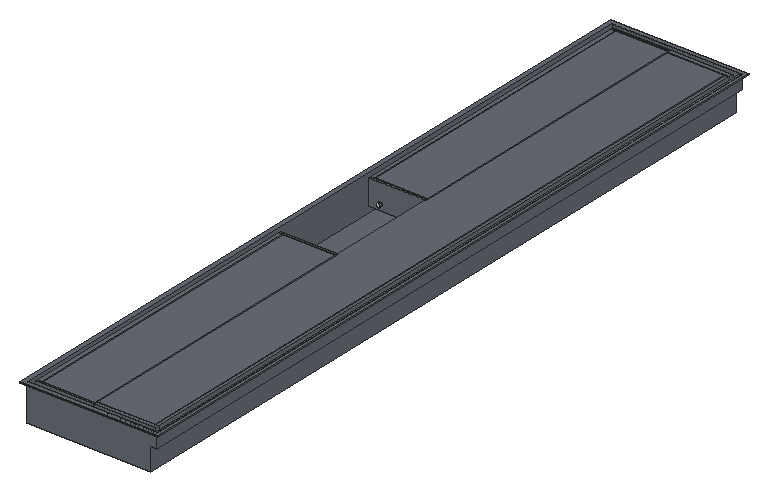
Revit family
Parameters (values of type "PL07 07 7/0")
  Width Side = 192 mm
  Width = 175 mm
  URL = "http://www.meinertz.com/pictures_org/prodk.pdf"
  Thermal Performance Index = 7
  Thermal Performance Constant = if(Thermal Performance Index = 3, 145, if(Thermal Performance Index = 4, 191, if(Thermal Performance Index = 5, 231, if(Thermal Performance Index = 6, 262, if(Thermal Performance Index = 7, 287, if(Thermal Performance Index = 8, 317, if(Thermal Performance Index = 9, 339, if(Thermal Performance Index = 10, 359, if(Thermal Performance Index = 11, 382, if(Thermal Performance Index = 12, 404, if(Thermal Performance Index = 13, 424, 444)))))))))))  # 287
  Thermal Performance = Thermal Performance Constant * Length / 1000 mm  # 574
  Right Tap Visible = Count Grill Main > 3  # yes
  Model = "PL07 07 7/0"
  Manufacturer = "Meinertz"  # constant formula
  Length Support Side = Actual Width 2 - Frame Offset  # 168 mm
  Length Support Convec = Actual Width 1 - Frame Offset + 37 mm  # 192 mm
  Length = 2000 mm
  Keynote = "PL07 07 7/0"
  Grill70 Support Distance02 = Grill70 Support Array Distance02 / (Count Grill70 Support02 - 1)  # 526 mm
  Grill70 Support Distance01 = Grill70 Support Array Distance01 / (Count Grill70 Support01 - 1)  # 504 mm
  Grill70 Support Array Distance02 = Length - Column Location - (Column Width / 2) - Frame Offset - 300 mm  # 526 mm
  Grill70 Support Array Distance01 = Column Location - (Column Width / 2) - Frame Offset - (11 mm * 2) - 300 mm  # 504 mm
  Grill20 Array Distance = (Length - (2 * Frame Offset) - 200 mm) / (Count Grill20 Support - 1)  # 584 mm
  Grill = RAL 7024 Grill
  GoGetNo = 6945  # constant formula
  Frame Side Length = Actual Width 2 - Frame Offset  # 168 mm
  Frame Offset = 24 mm  # constant formula
  Frame Main Length = Actual Width 1 - Frame Offset  # 155 mm
  Frame = RAL 7024
  Count Grill70 Support02 = (Length - Column Location - (Column Width / 2) - Frame Offset - 300 mm) / 2500 mm + 2  # 2
  Count Grill70 Support01 = (Column Location - (Column Width / 2) - Frame Offset - (11 mm * 2) - 300 mm) / 2500 mm + 2  # 2
  Count Grill20 Support = (Length - (2 * Frame Offset) - 200 mm) / 600 mm + 1  # 4
  Count Grill Main = (Width - 13 mm - 11 mm) / 24 mm + 1  # 7
  Column Width = 300 mm
  Column Location = 1000 mm
  Actual Width 2 = (Count Grill Side * 24 mm) + Frame Offset  # 192 mm
  Actual Width 1 = (Count Grill Main - 1) * 24 mm + Frame Offset + 11 mm  # 179 mm
  Count Grill Side = ((Width Side - 13 mm) / 24 mm)  # 7
Types (6, lengths in mm): name | Width Side | Width | Thermal Performance Index | Thermal Performance Constant | Thermal Performance | Right Tap Visible | Model | Length Support Side | Length Support Convec | Keynote | Grill70 Support Distance02 | Grill70 Support Distance01 | Grill70 Support Array Distance02 | Grill70 Support Array Distance01 | Frame Side Length | Frame Main Length | Count Grill Main | Column Width | Actual Width 2 | Actual Width 1 | Count Grill Side
  (no name) | 192 | 175 | 7 | 287 | 574 | yes | "PL07 07 7/0" | 168 | 192 | "PL07 07 7/0" | 526 | 504 | 526 | 504 | 168 | 155 | 7 | 300 | 192 | 179 | 7
  PL07 03 5/0 | 144 | 75 | 3 | 145 | 290 | no | "PL07 03 5/0" | 120 | 96 | "PL07 03 5/0" | 626 | 604 | 626 | 604 | 120 | 59 | 3 | 100 | 144 | 83 | 5
  PL07 04 5/0 | 144 | 100 | 4 | 191 | 382 | yes | "PL07 04 5/0" | 120 | 120 | "PL07 04 5/0" | 526 | 504 | 526 | 504 | 120 | 83 | 4 | 300 | 144 | 107 | 5
  PL07 05 5/0 | 144 | 125 | 5 | 231 | 462 | yes | "PL07 05 5/0" | 120 | 144 | "PL07 05 5/0" | 526 | 504 | 526 | 504 | 120 | 107 | 5 | 300 | 144 | 131 | 5
  PL07 06 6/0 | 198 | 150 | 6 | 262 | 524 | yes | "PL07 06 6/0" | 192 | 168 | "PL07 06 6/0" | 526 | 504 | 526 | 504 | 192 | 131 | 6 | 300 | 216 | 155 | 8
  PL07 07 7/0 | 192 | 175 | 7 | 287 | 574 | yes | "PL07 07 7/0" | 168 | 192 | "PL07 07 7/0" | 526 | 504 | 526 | 504 | 168 | 155 | 7 | 300 | 192 | 179 | 7
Reference planes
  plane 1 "Center (Front/Back)": y = 0
  plane 2: z = 0
  plane 3 "Center (Left/Right)": x = 0
  plane 4: x = -179
  plane 5: x = 192
  plane 6: y = 150
  plane 7: y = -150
  plane 8: y = 300
  plane 9: y = 563
  plane 10: y = 826
  plane 11: y = 400
  plane 12: y = 726
  plane 13: y = 500
  plane 14: y = 626
  plane 15: y = 976
  plane 16: y = 1000
  plane 17: y = 876
  plane 18: y = -311
  plane 19: y = -563
  plane 20: y = -815
  plane 21: y = -400
  plane 22: y = -726
  plane 23: y = -500
  plane 24: y = -626
  plane 25: y = -976
  plane 26: y = -1000
  plane 27: y = -876
  plane 28: x = -155
  plane 29: x = 168
  plane 30: y = 965
  plane 31: y = 970.5
  plane 32: y = -965
  plane 33: y = -970.5
  plane 34: z = -20
  plane 35: z = -55
  plane 36: z = -70
  plane 37: z = -100
  plane 38: y = -155.5
  plane 39: y = 155.5
  plane 40: x = -144
  plane 41: x = 157
  plane 42: x = -125
  plane 43: x = -30
Forms (mm)
  Extrusion 1, solid, material "RAL 7024 Grill" <- "Grill"
    sketch origin (0, 0, 0) x (1, 0, 0) y (0, 1, 0)
      loop
        line (0, 965) -> (0, -965) -> (157, -965) -> (157, 965) -> (0, 965)
    from 0 to -20
  Extrusion 2, solid, material "RAL 7024 Grill" <- "Grill"
    sketch origin (0, 0, 0) x (1, 0, 0) y (0, 1, 0)
      loop
        line (-144, -155.5) -> (-144, -970.5) -> (0, -970.5) -> (0, -155.5) -> (-144, -155.5)
      loop
        line (-144, 155.5) -> (0, 155.5) -> (0, 970.5) -> (-144, 970.5) -> (-144, 155.5)
    from 0 to -70
  Extrusion 3, solid, material "RAL 7024" <- "Frame"
    sketch origin (0, 0, 0) x (1, 0, 0) y (0, 1, 0)
      loop
        line (0, 976) -> (0, 965) -> (168, 965) -> (168, 976) -> (0, 976)
      loop
        line (0, -976) -> (168, -976) -> (168, -965) -> (0, -965) -> (0, -976)
    from 0 to -20
  Extrusion 4, solid, material "RAL 7024" <- "Frame"
    sketch origin (0, 0, 0) x (1, 0, 0) y (0, 1, 0)
      loop
        line (-144, 970.5) -> (-155, 970.5) -> (-155, 155.5) -> (-144, 155.5) -> (-144, 970.5)
      loop
        line (-144, -155.5) -> (-155, -155.5) -> (-155, -970.5) -> (-144, -970.5) -> (-144, -155.5)
    from 0 to -70
  Extrusion 5, solid, material "RAL 7024" <- "Frame"
    sketch origin (0, 0, 0) x (1, 0, 0) y (0, 1, 0)
      loop
        line (168, 965) -> (157, 965) -> (157, -965) -> (168, -965) -> (168, 965)
    from 0 to -20
  Extrusion 6, solid, material "RAL 7024" <- "Frame"
    sketch origin (0, 0, 0) x (1, 0, 0) y (0, 1, 0)
      loop
        line (0, 976) -> (-155, 976) -> (-155, 970.5) -> (0, 970.5) -> (0, 976)
      loop
        line (-155, 150) -> (0, 150) -> (0, 155.5) -> (-155, 155.5) -> (-155, 150)
      loop
        line (-155, -150) -> (-155, -155.5) -> (0, -155.5) -> (0, -150) -> (-155, -150)
      loop
        line (0, -976) -> (0, -970.5) -> (-155, -970.5) -> (-155, -976) -> (0, -976)
    from 0 to -70
  Extrusion 7, solid
    sketch origin (0, 0, 0) x (1, 0, 0) y (0, 0, 1)
      loop
        circle (-125, -55) r 4.8
    from 976 to 981
  Extrusion 8, solid, visible <- "Right Tap Visible"
    sketch origin (-155, -150, 0) x (1, 0, 0) y (0, 0, -1)
      loop
        circle (30, 55) r 4.8
    from 0 to 5
  Extrusion 9, solid
    sketch origin (-155, 150, 0) x (1, 0, 0) y (0, 0, 1)
      loop
        circle (30, -55) r 4.8
    from 0 to 5
  Extrusion 10, solid, visible <- "Right Tap Visible"
    sketch origin (0, 976, 0) x (-1, 0, 0) y (0, 0, 1)
      loop
        circle (125, -55) r 4.8
    from 0 to 5
  Extrusion 11, solid
    sketch origin (0, 0, 0) x (0, 1, 0) y (0, 0, 1)
      loop
        circle (726, -55) r 4.8
      loop
        circle (626, -55) r 4.8
      loop
        circle (500, -55) r 4.8
      loop
        circle (400, -55) r 4.8
      loop
        circle (-400, -55) r 4.8
      loop
        circle (-500, -55) r 4.8
      loop
        circle (-626, -55) r 4.8
      loop
        circle (-726, -55) r 4.8
    from 0 to 5
  Extrusion 12, solid
    sketch origin (-155, 970.5, 0) x (0, -1, 0) y (0, 0, 1)
      loop
        circle (244.5, -55) r 4.8
      loop
        circle (344.5, -55) r 4.8
      loop
        circle (470.5, -55) r 4.8
      loop
        circle (570.5, -55) r 4.8
      loop
        circle (1370.5, -55) r 4.8
      loop
        circle (1470.5, -55) r 4.8
      loop
        circle (1596.5, -55) r 4.8
      loop
        circle (1696.5, -55) r 4.8
    from 0 to 5
  Extrusion 13, solid, visible <- "Right Tap Visible"
    sketch origin (0, 0, 0) x (1, 0, 0) y (0, 0, 1)
      loop
        circle (-30, -55) r 4.8
    from 976 to 981
  Extrusion 14, solid
    sketch origin (-155, -150, 0) x (1, 0, 0) y (0, 0, -1)
      loop
        circle (125, 55) r 4.8
    from 0 to 5
  Extrusion 15, solid, visible <- "Right Tap Visible"
    sketch origin (-155, 150, 0) x (1, 0, 0) y (0, 0, 1)
      loop
        circle (125, -55) r 4.8
    from 0 to 5
  Extrusion 16, solid
    sketch origin (0, 976, 0) x (-1, 0, 0) y (0, 0, 1)
      loop
        circle (30, -55) r 4.8
    from 0 to 5
  Extrusion 17, solid, material "RAL 7024" <- "Frame"
    sketch origin (0, 0, 0) x (0, 1, 0) y (0, 0, 1)
      loop
        line (-1000, 0) -> (-1000, -1.5) -> (-990.5, -1.5) -> (-990.5, -100) -> (-989, -100) -> (-989, 0) -> (-1000, 0)
      loop
        line (1000, 0) -> (989, 0) -> (989, -100) -> (990.5, -100) -> (990.5, -1.5) -> (1000, -1.5) -> (1000, 0)
    from -179 to 192
  Extrusion 18, solid, material "RAL 7024" <- "Frame"
    sketch origin (0, 0, 0) x (1, 0, 0) y (0, 0, 1)
      loop
        line (192, 0) -> (181, 0) -> (181, -36.5) -> (165, -36.5) -> (165, -100) -> (166.5, -100) -> (166.5, -38) -> (182.5, -38) -> (182.5, -1.5) -> (192, -1.5) -> (192, 0)
      loop
        line (-179, 0) -> (-179, -1.5) -> (-169.5, -1.5) -> (-169.5, -100) -> (-168, -100) -> (-168, 0) -> (-179, 0)
    from -990.5 to 990.5
  Extrusion 19, void
    sketch origin (0, 0, 0) x (1, 0, 0) y (0, 0, 1)
      loop
        line (182.5, -1.5) -> (182.5, -38) -> (166.5, -38) -> (166.5, -100) -> (192, -100) -> (192, -1.5) -> (182.5, -1.5)
    from -1000 to 1000
  Extrusion 20, solid, material "RAL 7024" <- "Frame"
    sketch origin (0, 0, 0) x (1, 0, 0) y (0, 1, 0)
      loop
        line (165, 989) -> (-168, 989) -> (-168, -989) -> (165, -989) -> (165, 989)
    from -100 to -98.5
  Extrusion 21, void
    sketch origin (0, 0, 0) x (1, 0, 0) y (0, 0, 1)
      loop
        line (-179, -1.5) -> (-179, -100) -> (-169.5, -100) -> (-169.5, -1.5) -> (-179, -1.5)
    from -1000 to 1000
Cuts and joins
  Extrusion 19 cuts Extrusion 3
  Extrusion 19 cuts Extrusion 5
  Extrusion 19, Extrusion 21 cuts Extrusion 17
  Extrusion 19, Extrusion 21 cuts Extrusion 18
  Extrusion 21 cuts Extrusion 20
  joined: Extrusion 17, Extrusion 18, Extrusion 20
Lines and regions (mm)
  Masking region 1
    outline origin (0, 0, 0) x (1, 0, 0) y (0, 1, 0)
      loop
        line (-144, 970.5) -> (-144, 155.5) -> (0, 155.5) -> (0, 970.5) -> (-144, 970.5)
      loop
        line (-144, -155.5) -> (-144, -970.5) -> (0, -970.5) -> (0, -155.5) -> (-144, -155.5)
  Masking region 2
    outline origin (0, 0, 0) x (1, 0, 0) y (0, 1, 0)
      loop
        line (0, 965) -> (0, -965) -> (157, -965) -> (157, 965) -> (0, 965)
Dimensions and locks
  "Actual Width 1": plane 4 to plane 3 "Center (Left/Right)"
  "Actual Width 2": plane 3 "Center (Left/Right)" to plane 5
  "Frame Offset": plane 4 to plane 28
  "Frame Offset": plane 29 to plane 5
  "Frame Offset": plane 16 to plane 15
  "Frame Offset": plane 26 to plane 25
  plane 15 to plane 31 to plane 30 = 5.5 mm locked, 5.5 mm locked
  plane 25 to plane 33 to plane 32 = 5.5 mm locked, 5.5 mm locked
  equal spacing: plane 6, plane 1 "Center (Front/Back)", plane 7
  equal spacing: plane 6, plane 9, plane 15
  "Column Width": plane 7 to plane 6
  equal spacing: plane 7, plane 19, plane 25
  "Frame Side Length": plane 3 "Center (Left/Right)" to plane 29
  "Column Location": plane 26 to plane 1 "Center (Front/Back)"
  locked: plane 6 to plane 39 at 5.5
  locked: plane 7 to plane 38 at 5.5
  locked: plane 28 to plane 40 at 11
  locked: plane 41 to plane 29 at 11
  equal spacing: group 1, group 2, group 7, group 8  (x3)
  "Grill20 Array Distance": nested 2 to nested 1
  group 3 to group 4 = 0 mm  (x2)
  group 3 to group 4 = 504 mm
  "Grill70 Support Distance01": nested 3 to nested 4
  group 5 to group 6 = 0 mm  (x2)
  group 5 to group 6 = 526 mm
  "Grill70 Support Distance02": nested 5 to nested 6
  locked: plane 42 to plane 28 at 30
  locked: plane 43 to plane 3 "Center (Left/Right)" at 30
  locked: Extrusion 7 to plane 25 at 5
  plane 15 to plane 12 to plane 14 = 250 mm locked, 100 mm locked
  plane 13 to plane 11 to plane 6 = 100 mm locked, 250 mm locked
  plane 7 to plane 21 to plane 23 = 250 mm locked, 100 mm locked
  plane 24 to plane 22 to plane 25 = 100 mm locked, 250 mm locked
  locked: plane 15 to plane 17 at 100
  locked: plane 25 to plane 27 at 100
  "Length": plane 16 to plane 26
  equal spacing: plane 8, plane 9, plane 10
  equal spacing: plane 20, plane 19, plane 18
  "Grill70 Support Array Distance01": plane 20 to plane 18
  "Grill70 Support Array Distance02": plane 8 to plane 10
  locked: plane 2 to Extrusion 17 sketch curve at 1.5  (x2)
  locked: Extrusion 17 sketch curve to plane 26 at 11
  locked: Extrusion 17 sketch curve to Extrusion 17 sketch curve at 1.5  (x2)
  locked: plane 16 to Extrusion 17 sketch curve at 11
  plane 5 to Extrusion 18 sketch curve to Extrusion 18 sketch curve to Extrusion 18 sketch curve to Extrusion 18 sketch curve = 9.5 mm locked, 1.5 mm locked, 14.5 mm locked, 1.5 mm locked
  locked: Extrusion 18 sketch curve to Extrusion 18 sketch curve at 1.5
  locked: Extrusion 18 sketch curve to plane 4 at 9.5
  aligned and locked: level to plane 2
  aligned and locked: Extrusion 1 sketch curve to plane 30
  aligned and locked: plane 3 "Center (Left/Right)" to Extrusion 1 sketch curve
  aligned and locked: Extrusion 1 sketch curve to plane 32
  aligned and locked: Extrusion 1 to plane 34
  aligned and locked: Extrusion 2 sketch curve to plane 38
  aligned and locked: Extrusion 2 sketch curve to plane 33
  aligned and locked: Extrusion 2 sketch curve to plane 3 "Center (Left/Right)"
  aligned and locked: plane 39 to Extrusion 2 sketch curve
  aligned and locked: plane 31 to Extrusion 2 sketch curve
  aligned and locked: plane 3 "Center (Left/Right)" to Extrusion 2 sketch curve
  aligned and locked: Extrusion 2 to plane 36
  aligned and locked: Extrusion 3 sketch curve to plane 15
  aligned and locked: plane 3 "Center (Left/Right)" to Extrusion 3 sketch curve
  aligned and locked: plane 30 to Extrusion 3 sketch curve
  aligned and locked: plane 25 to Extrusion 3 sketch curve
  aligned and locked: Extrusion 3 sketch curve to plane 3 "Center (Left/Right)"
  aligned and locked: Extrusion 3 sketch curve to plane 32
  aligned and locked: Extrusion 3 to plane 34
  aligned and locked: Extrusion 4 sketch curve to plane 28  (x2)
  aligned and locked: Extrusion 4 sketch curve to plane 39
  aligned and locked: Extrusion 4 sketch curve to plane 38
  aligned and locked: Extrusion 4 sketch curve to plane 33
  aligned and locked: Extrusion 5 sketch curve to plane 32
  aligned and locked: plane 29 to Extrusion 5 sketch curve
  aligned and locked: Extrusion 5 sketch curve to plane 30
  aligned and locked: Extrusion 4 to plane 36
  aligned and locked: Extrusion 5 to plane 34
  aligned and locked: Extrusion 4 sketch curve to plane 31
  aligned and locked: plane 15 to Extrusion 6 sketch curve
  aligned and locked: Extrusion 6 sketch curve to plane 28  (x2)
  aligned and locked: Extrusion 6 sketch curve to plane 31
  aligned and locked: plane 3 "Center (Left/Right)" to Extrusion 6 sketch curve  (x2)
  aligned and locked: plane 6 to Extrusion 6 sketch curve
  aligned and locked: Extrusion 6 sketch curve to plane 39
  aligned and locked: plane 28 to Extrusion 6 sketch curve  (x2)
  aligned and locked: Extrusion 6 sketch curve to plane 7
  aligned and locked: plane 38 to Extrusion 6 sketch curve
  aligned and locked: Extrusion 6 sketch curve to plane 3 "Center (Left/Right)"  (x2)
  aligned and locked: plane 33 to Extrusion 6 sketch curve
  aligned and locked: Extrusion 6 sketch curve to plane 25
  aligned and locked: plane 40 to Extrusion 2 sketch curve
  aligned and locked: Extrusion 2 sketch curve to plane 40
  aligned and locked: plane 40 to Extrusion 4 sketch curve  (x2)
  aligned and locked: Extrusion 1 sketch curve to plane 41
  aligned and locked: Extrusion 5 sketch curve to plane 41
  aligned and locked: Extrusion 3 sketch curve to plane 29
  aligned and locked: plane 29 to Extrusion 3 sketch curve
  aligned and locked: Extrusion 6 to plane 36
  aligned and locked: nested 1 to plane 27
  aligned and locked: nested 1 to plane 3 "Center (Left/Right)"
  aligned and locked: plane 34 to nested 1
  aligned and locked: plane 34 to nested 2
  aligned and locked: plane 20 to nested 3
  aligned and locked: plane 36 to nested 3
  aligned and locked: plane 36 to nested 4
  aligned and locked: plane 8 to nested 5
  aligned and locked: plane 36 to nested 5
  aligned and locked: plane 36 to nested 6
  aligned and locked: plane 28 to nested 3
  aligned and locked: plane 28 to nested 4
  aligned and locked: plane 28 to nested 5
  aligned and locked: plane 28 to nested 6
  aligned and locked: Extrusion 7 to Extrusion 6
  aligned and locked: Extrusion 8 sketch curve to Extrusion 7  (x2)
  aligned and locked: Extrusion 9 sketch curve to Extrusion 7  (x2)
  aligned and locked: Extrusion 10 sketch curve to Extrusion 7  (x2)
  aligned and locked: Extrusion 12 sketch curve to Extrusion 11  (x16)
  aligned and locked: plane 40 to Masking region 1 sketch curve  (x2)
  aligned and locked: Masking region 1 sketch curve to plane 3 "Center (Left/Right)"  (x2)
  aligned and locked: Masking region 1 sketch curve to plane 31
  aligned and locked: Masking region 1 sketch curve to plane 39
  aligned and locked: Masking region 1 sketch curve to plane 38
  aligned and locked: Masking region 1 sketch curve to plane 33
  aligned and locked: plane 3 "Center (Left/Right)" to Masking region 2 sketch curve
  aligned and locked: Masking region 2 sketch curve to plane 41
  aligned and locked: Masking region 2 sketch curve to plane 32
  aligned and locked: Masking region 2 sketch curve to plane 30
  aligned and locked: plane 3 "Center (Left/Right)" to nested 7
  aligned and locked: nested 7 to plane 40
  aligned and locked: plane 31 to nested 7
  aligned and locked: nested 7 to plane 39
  aligned and locked: plane 38 to nested 8
  aligned and locked: nested 8 to plane 33
  aligned and locked: plane 3 "Center (Left/Right)" to nested 8
  aligned and locked: nested 8 to plane 40
  aligned and locked: nested 9 to plane 3 "Center (Left/Right)"
  aligned and locked: plane 30 to nested 9
  aligned and locked: nested 9 to plane 32
  aligned and locked: plane 41 to nested 9
  aligned and locked: Extrusion 13 to plane 25
  aligned and locked: Extrusion 7 to Extrusion 13
  aligned and locked: Extrusion 14 sketch curve to Extrusion 13  (x2)
  aligned and locked: Extrusion 15 sketch curve to Extrusion 13  (x2)
  aligned and locked: Extrusion 16 sketch curve to Extrusion 13  (x2)
  aligned and locked: Extrusion 3 to nested 2
  aligned and locked: plane 26 to Extrusion 17 sketch curve
  aligned and locked: plane 2 to Extrusion 17 sketch curve
  aligned and locked: Extrusion 17 sketch curve to plane 16
  aligned and locked: Extrusion 17 sketch curve to plane 2
  aligned and locked: plane 37 to Extrusion 17 sketch curve
  aligned and locked: Extrusion 17 sketch curve to plane 37
  aligned and locked: Extrusion 17 to plane 4
  aligned and locked: plane 5 to Extrusion 17
  aligned and locked: plane 5 to Extrusion 18 sketch curve
  aligned and locked: plane 2 to Extrusion 18 sketch curve
  aligned and locked: Extrusion 17 to Extrusion 18 sketch curve
  aligned and locked: Extrusion 18 sketch curve to plane 37
  aligned and locked: Extrusion 18 to Extrusion 17  (x2)
  aligned and locked: Extrusion 17 to Extrusion 19 sketch curve
  aligned and locked: Extrusion 19 sketch curve to Extrusion 18  (x3)
  aligned and locked: Extrusion 19 sketch curve to plane 37
  aligned and locked: Extrusion 19 sketch curve to plane 5
  aligned and locked: plane 16 to Extrusion 19
  aligned and locked: plane 26 to Extrusion 19
  aligned and locked: Extrusion 20 sketch curve to cut or joined group of Extrusion 17, Extrusion 18, Extrusion 19, Extrusion 20, Extrusion 21  (x4)
  aligned and locked: Extrusion 20 to plane 37
  aligned and locked: Extrusion 21 sketch curve to cut or joined group of Extrusion 17, Extrusion 18, Extrusion 19, Extrusion 20, Extrusion 21  (x4)
  aligned and locked: plane 16 to Extrusion 21
  aligned and locked: plane 26 to Extrusion 21
Automatic sketch dimensions
  Extrusion 7 sketch curve to plane 35 = 0 mm
  plane 42 to Extrusion 7 sketch curve = 0 mm
  Extrusion 11 sketch curve to plane 22 = 0 mm
  Extrusion 11 sketch curve to plane 24 = 0 mm
  Extrusion 11 sketch curve to plane 23 = 0 mm
  Extrusion 11 sketch curve to plane 21 = 0 mm
  Extrusion 11 sketch curve to plane 11 = 0 mm
  Extrusion 11 sketch curve to plane 13 = 0 mm
  Extrusion 11 sketch curve to plane 14 = 0 mm
  Extrusion 11 sketch curve to plane 12 = 0 mm
  Extrusion 11 sketch curve to plane 35 = 0 mm  (x8)
  Extrusion 13 sketch curve to plane 35 = 0 mm
  plane 43 to Extrusion 13 sketch curve = 0 mm
  Extrusion 18 sketch curve to level = 0 mm
  plane 35 to Extrusion 18 sketch curve = 17 mm
  Extrusion 18 sketch curve to Extrusion 18 sketch curve = 1.5 mm
  Extrusion 18 sketch curve to level = 1.5 mm
  Extrusion 18 sketch curve to plane 4 = 0 mm
  Extrusion 18 sketch curve to plane 37 = 0 mm
  radius of Extrusion 7 sketch curve = 4.8 mm
  radius of Extrusion 11 sketch curve = 4.8 mm  (x8)
  radius of Extrusion 13 sketch curve = 4.8 mm
Nested families
  nested 1: "Support" at (70.079, -869.531, -36) x (0, 1, 0) z (0, 0, 1), type "Side Support"
  nested 2: "Support" at (70.079, -285.531, -36) x (0, 1, 0) z (0, 0, 1), type "Side Support"
  nested 3: "Support" at (-45.079, -821.469, -72) x (0, -1, 0) z (0, 0, 1), type "Convec Support"
  nested 4: "Support" at (-45.079, -317.469, -72) x (0, -1, 0) z (0, 0, 1), type "Convec Support"
  nested 5: "Support" at (-45.079, 293.531, -72) x (0, -1, 0) z (0, 0, 1), type "Convec Support"
  nested 6: "Support" at (-45.079, 819.531, -72) x (0, -1, 0) z (0, 0, 1), type "Convec Support"
  nested 7: "Grill" at (0, 155.5, 0) x (0, 1, 0) z (0, 0, 1), type "Grill"
    with Width 144 mm, Start 11 mm, Second 13 mm, Length 815 mm, Big no
  nested 8: "Grill" at (0, -970.5, 0) x (0, 1, 0) z (0, 0, 1), type "Grill"
    with Width 144 mm, Start 11 mm, Second 13 mm, Length 815 mm, Big no
  nested 9: "Grill" at (157, -965, 0) x (0, 1, 0) z (0, 0, 1), type "Grill"
    with Width 157 mm, Start 11 mm, Second 13 mm, Length 1930 mm, Big no
  nested 10: "Support" at (70.079, 298.469, -36) x (0, 1, 0) z (0, 0, 1), type "Side Support"
  nested 11: "Support" at (70.079, 882.469, -36) x (0, 1, 0) z (0, 0, 1), type "Side Support"
Connectors
  piping at (-160, 726, -55)
    settings: on Extrusion 12, index 1, connector radius 4.8 mm, flow factor 0, pipe flow 0.0 L/s, pressure drop 0.0 Pa, fitting loss kfactor 0, connector angle 0.00°, fixture units 0, flow configuration 1, flow direction 1, fitting loss method 0, system type 22, connector reference index -1, connector utility 0, adjustable connector no, is connector primary yes, fitting loss table "", connector description ""
  piping at (-160, 626, -55)
    settings: on Extrusion 12, index 2, connector radius 4.8 mm, flow factor 0, pipe flow 0.0 L/s, pressure drop 0.0 Pa, fitting loss kfactor 0, connector angle 0.00°, fixture units 0, flow configuration 1, flow direction 2, fitting loss method 0, system type 22, connector reference index -1, connector utility 0, adjustable connector no, is connector primary no, fitting loss table "", connector description ""
  piping at (-160, 500, -55)
    settings: on Extrusion 12, index 3, connector radius 4.8 mm, flow factor 0, pipe flow 0.0 L/s, pressure drop 0.0 Pa, fitting loss kfactor 0, connector angle 0.00°, fixture units 0, flow configuration 1, flow direction 1, fitting loss method 0, system type 22, connector reference index -1, connector utility 0, adjustable connector no, is connector primary no, fitting loss table "", connector description ""
  piping at (-160, 400, -55)
    settings: on Extrusion 12, index 4, connector radius 4.8 mm, flow factor 0, pipe flow 0.0 L/s, pressure drop 0.0 Pa, fitting loss kfactor 0, connector angle 0.00°, fixture units 0, flow configuration 1, flow direction 2, fitting loss method 0, system type 22, connector reference index -1, connector utility 0, adjustable connector no, is connector primary no, fitting loss table "", connector description ""
  piping at (-160, -400, -55)
    settings: on Extrusion 12, index 5, connector radius 4.8 mm, flow factor 0, pipe flow 0.0 L/s, pressure drop 0.0 Pa, fitting loss kfactor 0, connector angle 0.00°, fixture units 0, flow configuration 1, flow direction 1, fitting loss method 0, system type 22, connector reference index -1, connector utility 0, adjustable connector no, is connector primary no, fitting loss table "", connector description ""
  piping at (-160, -500, -55)
    settings: on Extrusion 12, index 6, connector radius 4.8 mm, flow factor 0, pipe flow 0.0 L/s, pressure drop 0.0 Pa, fitting loss kfactor 0, connector angle 0.00°, fixture units 0, flow configuration 1, flow direction 2, fitting loss method 0, system type 22, connector reference index -1, connector utility 0, adjustable connector no, is connector primary no, fitting loss table "", connector description ""
  piping at (-160, -626, -55)
    settings: on Extrusion 12, index 7, connector radius 4.8 mm, flow factor 0, pipe flow 0.0 L/s, pressure drop 0.0 Pa, fitting loss kfactor 0, connector angle 0.00°, fixture units 0, flow configuration 1, flow direction 1, fitting loss method 0, system type 22, connector reference index -1, connector utility 0, adjustable connector no, is connector primary no, fitting loss table "", connector description ""
  piping at (-160, -726, -55)
    settings: on Extrusion 12, index 8, connector radius 4.8 mm, flow factor 0, pipe flow 0.0 L/s, pressure drop 0.0 Pa, fitting loss kfactor 0, connector angle 0.00°, fixture units 0, flow configuration 1, flow direction 2, fitting loss method 0, system type 22, connector reference index -1, connector utility 0, adjustable connector no, is connector primary no, fitting loss table "", connector description ""
  piping at (-125, -981, -55)
    settings: on Extrusion 7, index 9, connector radius 4.8 mm, flow factor 0, pipe flow 0.0 L/s, pressure drop 0.0 Pa, fitting loss kfactor 0, connector angle 0.00°, fixture units 0, flow configuration 1, flow direction 1, fitting loss method 0, system type 22, connector reference index -1, connector utility 0, adjustable connector no, is connector primary no, fitting loss table "", connector description ""
  piping at (-125, -981, -55)
    settings: on Extrusion 7, index 10, connector radius 4.8 mm, flow factor 0, pipe flow 0.0 L/s, pressure drop 0.0 Pa, fitting loss kfactor 0, connector angle 0.00°, fixture units 0, flow configuration 1, flow direction 2, fitting loss method 0, system type 22, connector reference index -1, connector utility 0, adjustable connector no, is connector primary no, fitting loss table "", connector description ""
  piping at (-125, 145, -55)
    settings: on Extrusion 9, index 11, connector radius 4.8 mm, flow factor 0, pipe flow 0.0 L/s, pressure drop 0.0 Pa, fitting loss kfactor 0, connector angle 0.00°, fixture units 0, flow configuration 1, flow direction 1, fitting loss method 0, system type 22, connector reference index -1, connector utility 0, adjustable connector no, is connector primary no, fitting loss table "", connector description ""
  piping at (-125, 145, -55)
    settings: on Extrusion 9, index 12, connector radius 4.8 mm, flow factor 0, pipe flow 0.0 L/s, pressure drop 0.0 Pa, fitting loss kfactor 0, connector angle 0.00°, fixture units 0, flow configuration 1, flow direction 2, fitting loss method 0, system type 22, connector reference index -1, connector utility 0, adjustable connector no, is connector primary no, fitting loss table "", connector description ""
  piping at (5, -726, -55)
    settings: on Extrusion 11, index 13, connector radius 4.8 mm, flow factor 0, pipe flow 0.0 L/s, pressure drop 0.0 Pa, fitting loss kfactor 0, connector angle 0.00°, fixture units 0, flow configuration 1, flow direction 1, fitting loss method 0, system type 22, connector reference index -1, connector utility 0, adjustable connector no, is connector primary no, fitting loss table "", connector description ""
  piping at (5, -626, -55)
    settings: on Extrusion 11, index 14, connector radius 4.8 mm, flow factor 0, pipe flow 0.0 L/s, pressure drop 0.0 Pa, fitting loss kfactor 0, connector angle 0.00°, fixture units 0, flow configuration 1, flow direction 2, fitting loss method 0, system type 22, connector reference index -1, connector utility 0, adjustable connector no, is connector primary no, fitting loss table "", connector description ""
  piping at (5, -500, -55)
    settings: on Extrusion 11, index 15, connector radius 4.8 mm, flow factor 0, pipe flow 0.0 L/s, pressure drop 0.0 Pa, fitting loss kfactor 0, connector angle 0.00°, fixture units 0, flow configuration 1, flow direction 1, fitting loss method 0, system type 22, connector reference index -1, connector utility 0, adjustable connector no, is connector primary no, fitting loss table "", connector description ""
  piping at (5, -400, -55)
    settings: on Extrusion 11, index 16, connector radius 4.8 mm, flow factor 0, pipe flow 0.0 L/s, pressure drop 0.0 Pa, fitting loss kfactor 0, connector angle 0.00°, fixture units 0, flow configuration 1, flow direction 2, fitting loss method 0, system type 22, connector reference index -1, connector utility 0, adjustable connector no, is connector primary no, fitting loss table "", connector description ""
  piping at (5, 400, -55)
    settings: on Extrusion 11, index 17, connector radius 4.8 mm, flow factor 0, pipe flow 0.0 L/s, pressure drop 0.0 Pa, fitting loss kfactor 0, connector angle 0.00°, fixture units 0, flow configuration 1, flow direction 1, fitting loss method 0, system type 22, connector reference index -1, connector utility 0, adjustable connector no, is connector primary no, fitting loss table "", connector description ""
  piping at (5, 500, -55)
    settings: on Extrusion 11, index 18, connector radius 4.8 mm, flow factor 0, pipe flow 0.0 L/s, pressure drop 0.0 Pa, fitting loss kfactor 0, connector angle 0.00°, fixture units 0, flow configuration 1, flow direction 2, fitting loss method 0, system type 22, connector reference index -1, connector utility 0, adjustable connector no, is connector primary no, fitting loss table "", connector description ""
  piping at (5, 626, -55)
    settings: on Extrusion 11, index 19, connector radius 4.8 mm, flow factor 0, pipe flow 0.0 L/s, pressure drop 0.0 Pa, fitting loss kfactor 0, connector angle 0.00°, fixture units 0, flow configuration 1, flow direction 1, fitting loss method 0, system type 22, connector reference index -1, connector utility 0, adjustable connector no, is connector primary no, fitting loss table "", connector description ""
  piping at (5, 726, -55)
    settings: on Extrusion 11, index 20, connector radius 4.8 mm, flow factor 0, pipe flow 0.0 L/s, pressure drop 0.0 Pa, fitting loss kfactor 0, connector angle 0.00°, fixture units 0, flow configuration 1, flow direction 2, fitting loss method 0, system type 22, connector reference index -1, connector utility 0, adjustable connector no, is connector primary no, fitting loss table "", connector description ""
  piping at (-125, 981, -55)
    settings: on Extrusion 10, index 21, connector radius 4.8 mm, flow factor 0, pipe flow 0.0 L/s, pressure drop 0.0 Pa, fitting loss kfactor 0, connector angle 0.00°, fixture units 0, flow configuration 1, flow direction 1, fitting loss method 0, system type 22, connector reference index -1, connector utility 0, adjustable connector no, is connector primary no, fitting loss table "", connector description ""
  piping at (-125, 981, -55)
    settings: on Extrusion 10, index 22, connector radius 4.8 mm, flow factor 0, pipe flow 0.0 L/s, pressure drop 0.0 Pa, fitting loss kfactor 0, connector angle 0.00°, fixture units 0, flow configuration 1, flow direction 2, fitting loss method 0, system type 22, connector reference index -1, connector utility 0, adjustable connector no, is connector primary no, fitting loss table "", connector description ""
  piping at (-125, -145, -55)
    settings: on Extrusion 8, index 23, connector radius 4.8 mm, flow factor 0, pipe flow 0.0 L/s, pressure drop 0.0 Pa, fitting loss kfactor 0, connector angle 0.00°, fixture units 0, flow configuration 1, flow direction 1, fitting loss method 0, system type 22, connector reference index -1, connector utility 0, adjustable connector no, is connector primary no, fitting loss table "", connector description ""
  piping at (-125, -145, -55)
    settings: on Extrusion 8, index 24, connector radius 4.8 mm, flow factor 0, pipe flow 0.0 L/s, pressure drop 0.0 Pa, fitting loss kfactor 0, connector angle 0.00°, fixture units 0, flow configuration 1, flow direction 2, fitting loss method 0, system type 22, connector reference index -1, connector utility 0, adjustable connector no, is connector primary no, fitting loss table "", connector description ""
  piping at (-30, -981, -55)
    settings: on Extrusion 13, index 25, connector radius 4.8 mm, flow factor 0, pipe flow 0.0 L/s, pressure drop 0.0 Pa, fitting loss kfactor 0, connector angle 0.00°, fixture units 0, flow configuration 1, flow direction 1, fitting loss method 0, system type 22, connector reference index -1, connector utility 0, adjustable connector no, is connector primary no, fitting loss table "", connector description ""
  piping at (-30, 145, -55)
    settings: on Extrusion 15, index 26, connector radius 4.8 mm, flow factor 0, pipe flow 0.0 L/s, pressure drop 0.0 Pa, fitting loss kfactor 0, connector angle 0.00°, fixture units 0, flow configuration 1, flow direction 1, fitting loss method 0, system type 22, connector reference index -1, connector utility 0, adjustable connector no, is connector primary no, fitting loss table "", connector description ""
  piping at (-30, -145, -55)
    settings: on Extrusion 14, index 27, connector radius 4.8 mm, flow factor 0, pipe flow 0.0 L/s, pressure drop 0.0 Pa, fitting loss kfactor 0, connector angle 0.00°, fixture units 0, flow configuration 1, flow direction 1, fitting loss method 0, system type 22, connector reference index -1, connector utility 0, adjustable connector no, is connector primary no, fitting loss table "", connector description ""
  piping at (-30, 981, -55)
    settings: on Extrusion 16, index 28, connector radius 4.8 mm, flow factor 0, pipe flow 0.0 L/s, pressure drop 0.0 Pa, fitting loss kfactor 0, connector angle 0.00°, fixture units 0, flow configuration 1, flow direction 1, fitting loss method 0, system type 22, connector reference index -1, connector utility 0, adjustable connector no, is connector primary no, fitting loss table "", connector description ""
Definition of nested family "Support"
  Parameters (values of type "Side Support")
    offset top = 17.5 mm
    Width = 16 mm
    Side 2 = yes
    Side 1 = no
    Length = 168 mm
    Height = 16 mm
    Frame = RAL 7024
    Footing rad = 6.5 mm
    Footing Height = 64 mm
    Assembly Code = ""
  Types (4, lengths in mm): name | Width | Side 2 | Side 1 | Length | Height | Footing Height
    Side Support | 16 | yes | no | 168 | 16 | 64
    Convec Support | 20 | yes | yes | 192 | 2 | 28
    Side Right Support | 16 | yes | no | 120 | 16 | 64
    Side Left Support | 16 | no | yes | 72 | 16 | 64
  Reference planes
    plane 1 "Center (Front/Back)": y = -13.921
    plane 2: z = 0
    plane 3 "Center (Left/Right)": x = -6.469
    plane 4: z = 16
    plane 5: x = 1.531
    plane 6: x = -14.469
    plane 7: y = 70.079
    plane 8: y = -97.921
    plane 9: y = 52.579
    plane 10: y = -80.421
    plane 11: z = -64
  Forms (mm)
    Extrusion 1, solid, material "RAL 7024" <- "Frame"
      sketch origin (0, -13.921, 0) x (1, 0, 0) y (0, 0, 1)
        loop
          line (-14.469, 16) -> (-14.469, 0) -> (1.531, 0) -> (1.531, 16) -> (-14.469, 16)
      from -84 to 84
    Extrusion 2, solid, material "RAL 7024" <- "Frame", visible <- "Side 1"
      sketch origin (0, 0, 0) x (1, 0, 0) y (0, 1, 0)
        loop
          circle (-6.469, 52.579) r 6.5
      from -64 to 0
    Extrusion 3, solid, material "RAL 7024" <- "Frame", visible <- "Side 2"
      sketch origin (0, 0, 0) x (1, 0, 0) y (0, 1, 0)
        loop
          circle (-6.469, -80.421) r 6.5
      from -64 to 0
  Dimensions and locks
    equal spacing: plane 6, plane 3 "Center (Left/Right)", plane 5
    equal spacing: plane 7, plane 1 "Center (Front/Back)", plane 8
    "Length": plane 7 to plane 8
    "Width": plane 6 to plane 5
    "Height": plane 4 to plane 2
    "offset top": plane 7 to plane 9
    "offset top": plane 10 to plane 8
    "Footing Height": plane 2 to plane 11
    "Footing rad": Extrusion 2 sketch curve to plane 3 "Center (Left/Right)"
    "Footing rad": plane 9 to Extrusion 2 sketch curve
    locked: plane 10 to Extrusion 3 sketch curve at 6.5
    locked: plane 3 "Center (Left/Right)" to Extrusion 3 sketch curve at 6.5
    "Footing rad": radius of Extrusion 2 sketch curve
    "Footing rad": radius of Extrusion 3 sketch curve
    aligned and locked: plane 6 to Extrusion 1 sketch curve
    aligned and locked: Extrusion 1 sketch curve to plane 4
    aligned and locked: level to Extrusion 1 sketch curve
    aligned and locked: Extrusion 1 sketch curve to plane 5
    aligned and locked: plane 7 to Extrusion 1
    aligned and locked: Extrusion 1 to plane 8
    aligned and locked: Extrusion 2 to plane 11
    aligned and locked: plane 2 to Extrusion 2
    aligned and locked: Extrusion 3 to plane 11
    aligned and locked: level to Extrusion 3
Definition of nested family "Grill"
  Parameters (values of type "Grill")
    Width [instance] = 208.6 mm
    Start [instance] = if(Big, 13 mm, 11 mm)  # 11 mm
    Second [instance] = if(Big, 11 mm, 13 mm)  # 13 mm
    Length [instance] = 900 mm
    Big [instance] = no
    Assembly Code = ""
  Reference planes
    plane 1 "Center (Front/Back)": y = 0
    plane 2: z = 0
    plane 3 "Center (Left/Right)": x = 0
    plane 4: y = 208.6
    plane 5: x = 900
  Lines and regions (mm)
    Filled region 1, type "Base", in view "Ref. Level"
      outline origin (0, 0, 0) x (1, 0, 0) y (0, 1, 0)
        loop
          line (0, 208.6) -> (0, 0) -> (900, 0) -> (900, 208.6) -> (0, 208.6)
    Filled region 2, type "Top", in view "Ref. Level"
      outline origin (45.053, 31.547, 0) x (1, 0, 0) y (0, 1, 0)
        loop
          line (-45.053, 177.053) -> (-45.053, -31.547) -> (854.947, -31.547) -> (854.947, 177.053) -> (-45.053, 177.053)
  Dimensions and locks
    "Width": plane 4 to plane 1 "Center (Front/Back)"
    "Length": plane 3 "Center (Left/Right)" to plane 5
    "Start": plane 3 "Center (Left/Right)" to Filled region 2
    "Second": Filled region 2 to Filled region 1
    aligned and locked: plane 4 to Filled region 2
    aligned and locked: plane 1 "Center (Front/Back)" to Filled region 2
    aligned and locked: plane 5 to Filled region 2
    aligned and locked: Filled region 1 to plane 3 "Center (Left/Right)"
    aligned and locked: plane 3 "Center (Left/Right)" to Filled region 2 sketch curve
  Automatic sketch dimensions
    Filled region 1 sketch curve to plane 1 "Center (Front/Back)" = 0 mm
    Filled region 1 sketch curve to plane 3 "Center (Left/Right)" = 0 mm
    Filled region 1 sketch curve to plane 5 = 0 mm
    Filled region 1 sketch curve to plane 4 = 0 mm
    Filled region 2 sketch curve to plane 1 "Center (Front/Back)" = 0 mm
    Filled region 2 sketch curve to plane 5 = 0 mm
    Filled region 2 sketch curve to plane 4 = 0 mm
